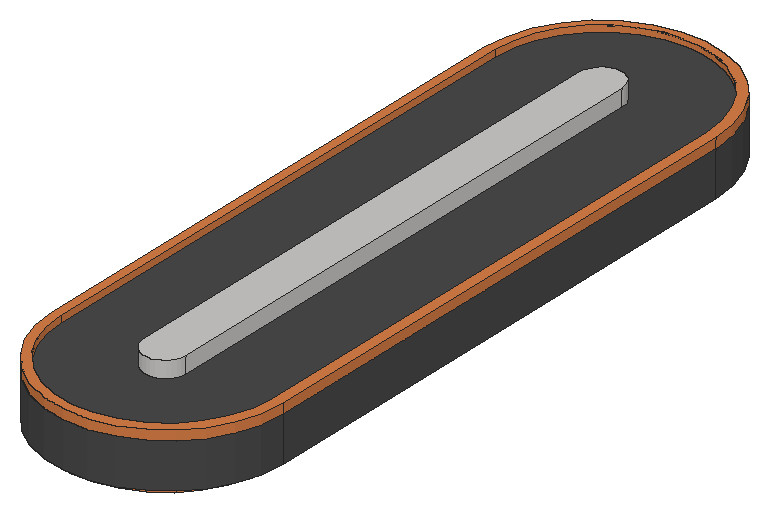
Revit family "736-Baggage conveyor", category Casework, Revit 2011
Parameters
  Depth = 40' - 0"
  Height = 3' - 0"
  Width = 15' - 0"
Reference planes (in)
  plane 1 "Back": y = 456
  plane 2: z = 0
  plane 3 "Center (Left/Right)": x = 0.7377
  plane 4 "Left": x = -89.2623
  plane 5 "Right": x = 90.7377
  plane 6 "Front": y = -24
  plane 7 "Top": z = 36
Forms (in)
  Extrusion 1, solid, material "Default Roof"
    sketch origin (0, 0, 0) x (1, 0, 0) y (0, 1, 0)
      loop
        line (33.80007, 12.10935) -> (33.80007, 323.08999)
        arc (33.80007, 323.08999) -> (-26.85522, 383.74528) -> (-87.51052, 323.08999) r 60.65529
        line (-87.51052, 323.08999) -> (-87.51052, 12.10935)
        arc (-87.51052, 12.10935) -> (-26.85522, -48.54594) -> (33.80007, 12.10935) r 60.65529
    from 0 to 4.10001
  Extrusion 2, solid, material "Default Wall"
    sketch origin (0, 0, 0) x (1, 0, 0) y (0, 1, 0)
      loop
        line (-92.44254, 322.13382) -> (-92.44254, 12.10935)
        arc (-92.44254, 12.10935) -> (-26.28724, -54.04594) -> (39.86805, 12.10935) r 66.15529
        line (39.86805, 12.10935) -> (39.86805, 322.13382)
        arc (39.86805, 322.13382) -> (-26.28724, 388.28912) -> (-92.44254, 322.13382) r 66.15529
    from 4.10001 to 29.79119
  Extrusion 3, solid, material "Default Roof"
    sketch origin (0, 0, 0) x (1, 0, 0) y (0, 1, 0)
      loop
        arc (39.86805, 322.13382) -> (-26.28724, 388.28912) -> (-92.44254, 322.13382) r 66.15529
        line (-92.44254, 322.13382) -> (-92.44254, 12.10935)
        arc (-92.44254, 12.10935) -> (-26.28724, -54.04594) -> (39.86805, 12.10935) r 66.15529
        line (39.86805, 12.10935) -> (39.86805, 322.13382)
      loop
        arc (33.80007, 323.08999) -> (-26.85522, 383.74528) -> (-87.51052, 323.08999) r 60.65529
        line (-87.51052, 323.08999) -> (-87.51052, 12.10935)
        arc (-87.51052, 12.10935) -> (-26.85522, -48.54594) -> (33.80007, 12.10935) r 60.65529
        line (33.80007, 12.10935) -> (33.80007, 323.08999)
    from 29.79119 to 35.42736
  Extrusion 4, solid, material "Glass"
    sketch origin (0, 0, 0) x (1, 0, 0) y (0, 1, 0)
      loop
        line (-38.85522, 323.08999) -> (-38.85522, 10.81967)
        arc (-38.85522, 10.81967) -> (-26.85522, -1.18033) -> (-14.85522, 10.81967) r 12
        line (-14.85522, 10.81967) -> (-14.85522, 323.08999)
        arc (-14.85522, 323.08999) -> (-26.85522, 335.08999) -> (-38.85522, 323.08999) r 12
    from 24.1451 to 41.07129
  Extrusion 5, solid, material "Poche"
    sketch origin (0, 0, 0) x (1, 0, 0) y (0, 1, 0)
      loop
        line (-14.85522, 10.81967) -> (-14.85522, 323.08999)
        arc (-14.85522, 323.08999) -> (-26.85522, 335.08999) -> (-38.85522, 323.08999) r 12
        line (-38.85522, 323.08999) -> (-38.85522, 10.81967)
        arc (-38.85522, 10.81967) -> (-26.85522, -1.18033) -> (-14.85522, 10.81967) r 12
      loop
        line (33.80007, 12.10935) -> (33.80007, 323.08999)
        arc (33.80007, 323.08999) -> (-26.85522, 383.74528) -> (-87.51052, 323.08999) r 60.65529
        line (-87.51052, 323.08999) -> (-87.51052, 12.10935)
        arc (-87.51052, 12.10935) -> (-26.85522, -48.54594) -> (33.80007, 12.10935) r 60.65529
    from 24.1451 to 31.99718
Dimensions and locks (in)
  "Depth": plane 6 "Front" to plane 1 "Back"
  "Width": plane 4 "Left" to plane 5 "Right"
  equal spacing: plane 4 "Left", plane 3 "Center (Left/Right)", plane 5 "Right"
  "Height": level to plane 7 "Top"
  aligned and locked: plane 2 to level
Automatic sketch dimensions
  Extrusion 1 sketch curve to plane 4 "Left" = 0' - 1.75178"
  Extrusion 1 sketch curve to plane 3 "Center (Left/Right)" = 2' - 3.59293"
  Extrusion 1 sketch curve to plane 6 "Front" = 3' - 0.10935"
  plane 1 "Back" to Extrusion 1 sketch curve = 11' - 0.91001"
  plane 4 "Left" to Extrusion 2 sketch curve = 0' - 3.18024"
  Extrusion 2 sketch curve to plane 3 "Center (Left/Right)" = 2' - 3.02495"
  Extrusion 2 sketch curve to plane 6 "Front" = 3' - 0.10935"
  plane 1 "Back" to Extrusion 2 sketch curve = 11' - 1.86618"
  plane 4 "Left" to Extrusion 3 sketch curve = 0' - 3.18024"
  Extrusion 3 sketch curve to plane 4 "Left" = 0' - 1.75178"
  Extrusion 3 sketch curve to plane 3 "Center (Left/Right)" = 2' - 3.59293"
  Extrusion 3 sketch curve to Extrusion 3 sketch curve = 0' - 0.56798"
  plane 1 "Back" to Extrusion 3 sketch curve = 11' - 1.86618"
  Extrusion 3 sketch curve to Extrusion 3 sketch curve = 0' - 0.95616"
  Extrusion 3 sketch curve to Extrusion 3 sketch curve = 0' - 0"
  Extrusion 3 sketch curve to plane 6 "Front" = 3' - 0.10935"
  Extrusion 4 sketch curve to plane 3 "Center (Left/Right)" = 3' - 3.59293"
  Extrusion 4 sketch curve to plane 6 "Front" = 2' - 10.81967"
  Extrusion 4 sketch curve to Extrusion 4 sketch curve = 1' - 0"
  plane 1 "Back" to Extrusion 4 sketch curve = 11' - 0.91001"
  Extrusion 5 sketch curve to plane 3 "Center (Left/Right)" = 3' - 3.59293"
  Extrusion 5 sketch curve to Extrusion 5 sketch curve = 1' - 0"
  Extrusion 5 sketch curve to plane 6 "Front" = 2' - 10.81967"
  plane 1 "Back" to Extrusion 5 sketch curve = 11' - 0.91001"
  Extrusion 5 sketch curve to plane 4 "Left" = 0' - 1.75178"
  Extrusion 5 sketch curve to Extrusion 5 sketch curve = 0' - 0"  (x2)
  Extrusion 5 sketch curve to Extrusion 5 sketch curve = 0' - 1.28968"
